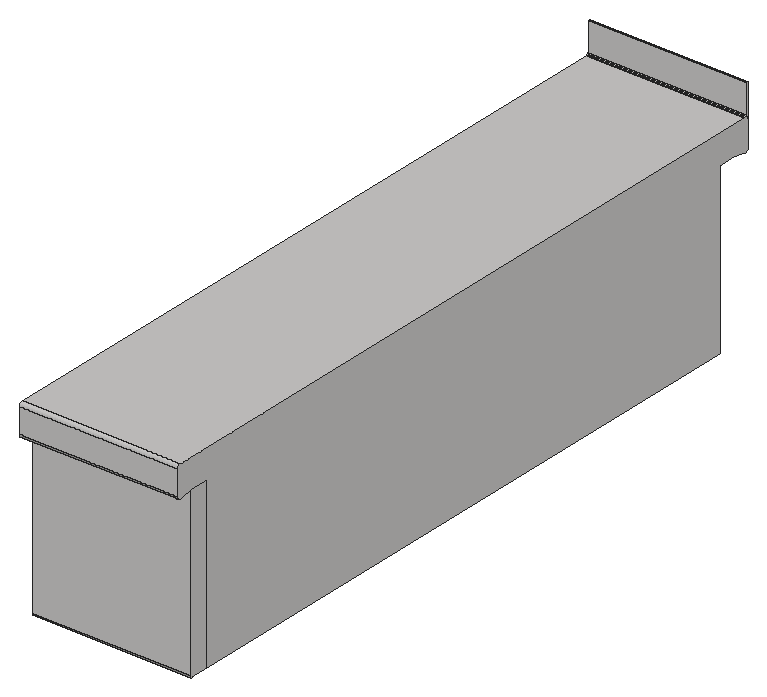
Revit family "QF_ELECTROLUXPROFESSIONAL_589153_MCNABBBOOO", category Specialty Equipment, Revit 2018
Family settings
  Round Connector Dimension = Use Diameter
  Part Type = Normal
  Work Plane-Based = No
  Always vertical = Yes
  Cut with Voids When Loaded = No
  Shared = No
  Room Calculation Point = No
Parameters
  Weight in Pounds = 35
  URL Cutsheet = "www.electrolux.com/professional"
  URL = "www.electrolux.com/professional"
  Type Mark [instance] = ""
  Status [instance] = ""
  Specification by User [instance] = ""
  Specification by Manufacturer = ""
  Serial Number = ""
  Seismic Rating = ""
  SMACNA No = ""
  Revision Code [instance] = ""
  Omniclass Number and Title = ""
  NAFEM Spec ID Number = ""
  Model = "589153"
  Masterspec = ""
  Manufacturer = "ELECTROLUX"
  Item Number [instance] = ""
  Installed By [instance] = ""
  Identify Quantity as Lot [instance] = yes
  Furnished By [instance] = ""
  Foodservice Equipment Identifier [instance] = yes
  Direct Waste Size = 0"
  Description = "WORK TOP,CLOSED,1-S,BACKSPL,200X900X250H"
  CSI MasterFormat = ""
  CSI Master Format = ""
Reference planes
  plane 1 "BACK": y = 0
  plane 2: z = 0
  plane 3 "LEFT": x = 0
  plane 4 "RIGHT": x = 200
  plane 5 "FRONT": y = -900
  plane 6 "TOP": z = 250
  plane 7 "Center Y": x = 100
  plane 8 "Center X": y = -450
  plane 9: z = 288
Forms (mm)
  Extrusion 1, solid, material "QF_Finishes_Stainless Steel"
    sketch origin (0, 50.048, 0) x (0, 1, 0) y (0, 0, 1)
      loop
        line (-95.048, 213) -> (-71.412, 213) -> (-54.743, 210.061)
        arc (-54.743, 210.061) -> (-51.477, 210.936) -> (-50.048, 214) r 4
        line (-50.048, 214) -> (-50.048, 246)
        arc (-50.048, 246) -> (-51.22, 248.828) -> (-54.048, 250) r 4
        line (-54.048, 250) -> (-946.048, 250)
        arc (-946.048, 250) -> (-948.877, 248.828) -> (-950.048, 246) r 4
        line (-950.048, 246) -> (-950.048, 214)
        arc (-950.048, 214) -> (-948.619, 210.936) -> (-945.353, 210.061) r 4
        line (-945.353, 210.061) -> (-928.509, 213) -> (-905.048, 213) -> (-905.048, 0) -> (-95.048, 0) -> (-95.048, 213)
    from 0 to 200
  Extrusion 2, solid, material "QF_Finishes_Stainless Steel"
    sketch origin (0, 50.048, 0) x (0, 1, 0) y (0, 0, 1)
      loop
        arc (-928.048, 213) -> (-929.462, 212.414) -> (-930.048, 211) r 2
        line (-930.048, 211) -> (-930.048, 2)
        arc (-930.048, 2) -> (-929.462, 0.586) -> (-928.048, 0) r 2
        line (-928.048, 0) -> (-905.048, 0) -> (-905.048, 213) -> (-928.048, 213)
    from 0 to 200
  Extrusion 3, solid, material "QF_Finishes_Stainless Steel"
    sketch origin (0, -950.048, 0) x (0, -1, 0) y (0, 0, -1)
      loop
        arc (-948.097, -252.006) -> (-947.511, -250.592) -> (-946.097, -250.006) r 2
        arc (-946.097, -250.006) -> (-948.877, -248.828) -> (-950.048, -246) r 4
        line (-950.048, -246) -> (-950.048, -288.006) -> (-948.097, -288.006) -> (-948.097, -252.006)
    from 0 to 200
Lines and regions (mm)
  symbolic lines
    curve 1: line (0, 0, 0) -> (200, 0, 0)
    curve 2: line (0, -900, 0) -> (0, 0, 0)
    curve 3: line (200, -900, 0) -> (0, -900, 0)
    curve 4: line (200, 0, 0) -> (200, -900, 0)
    curve 5: line (0, -1.951, 0) -> (200, -1.951, 0)
Dimensions and locks
  equal spacing: plane 3 "LEFT", plane 7 "Center Y", plane 4 "RIGHT"
  plane 3 "LEFT" to plane 4 "RIGHT" = 200.00 mm
  equal spacing: plane 5 "FRONT", plane 8 "Center X", plane 1 "BACK"
  plane 5 "FRONT" to plane 1 "BACK" = 900.00 mm
  plane 6 "TOP" to level = 250.00 mm
  plane 9 to level = 288.00 mm
  plane 9 to plane 6 "TOP" = 38.00 mm
  aligned and locked: level to plane 2
  aligned and locked: Extrusion 1 to plane 4 "RIGHT"
  aligned and locked: Extrusion 2 to plane 4 "RIGHT"
  aligned and locked: Extrusion 3 to plane 4 "RIGHT"
Automatic sketch dimensions
  Extrusion 1 sketch curve to plane 5 "FRONT" = 0.00 mm
  Extrusion 1 sketch curve to plane 6 "TOP" = 0.00 mm
  Extrusion 1 sketch curve to level = 0.00 mm
  Extrusion 1 sketch curve to plane 1 "BACK" = 0.00 mm
  Extrusion 1 sketch curve to plane 5 "FRONT" = 4.695 mm
  Extrusion 1 sketch curve to plane 6 "TOP" = 39.939 mm
  Extrusion 1 sketch curve to plane 5 "FRONT" = 4.00 mm  (x2)
  Extrusion 1 sketch curve to Extrusion 1 sketch curve = 16.844 mm
  Extrusion 1 sketch curve to plane 5 "FRONT" = 45.00 mm
  plane 1 "BACK" to Extrusion 1 sketch curve = 45.00 mm
  plane 1 "BACK" to Extrusion 1 sketch curve = 21.364 mm
  plane 1 "BACK" to Extrusion 1 sketch curve = 4.00 mm
  plane 1 "BACK" to Extrusion 1 sketch curve = 4.695 mm
  Extrusion 1 sketch curve to Extrusion 1 sketch curve = 0.00 mm  (x2)
  Extrusion 1 sketch curve to Extrusion 1 sketch curve = 4.00 mm
  Extrusion 1 sketch curve to plane 6 "TOP" = 37.00 mm  (x2)
  Extrusion 1 sketch curve to Extrusion 1 sketch curve = 1.00 mm
  Extrusion 2 sketch curve to level = 0.00 mm
  Extrusion 2 sketch curve to plane 5 "FRONT" = 20.00 mm
  level to Extrusion 2 sketch curve = 2.00 mm
  Extrusion 2 sketch curve to Extrusion 2 sketch curve = 2.00 mm
  Extrusion 2 sketch curve to Extrusion 2 sketch curve = 23.00 mm
  Extrusion 2 sketch curve to plane 6 "TOP" = 39.00 mm
  Extrusion 3 sketch curve to plane 1 "BACK" = 0.00 mm  (x2)
  Extrusion 3 sketch curve to plane 6 "TOP" = 2.006 mm
  Extrusion 3 sketch curve to plane 6 "TOP" = 0.00 mm
  Extrusion 3 sketch curve to plane 9 = 0.006 mm
  Extrusion 3 sketch curve to Extrusion 3 sketch curve = 1.951 mm
  Extrusion 3 sketch curve to Extrusion 3 sketch curve = 2.00 mm
  Extrusion 3 sketch curve to Extrusion 3 sketch curve = 0.049 mm
  Extrusion 3 sketch curve to Extrusion 3 sketch curve = 0.00 mm
  plane 1 "BACK" to curve 1 = 0.00 mm
  curve 1 to plane 3 "LEFT" = 0.00 mm
  curve 1 to plane 4 "RIGHT" = 0.00 mm
  plane 5 "FRONT" to curve 4 = 0.00 mm
  curve 5 to curve 1 = 1.951 mm
